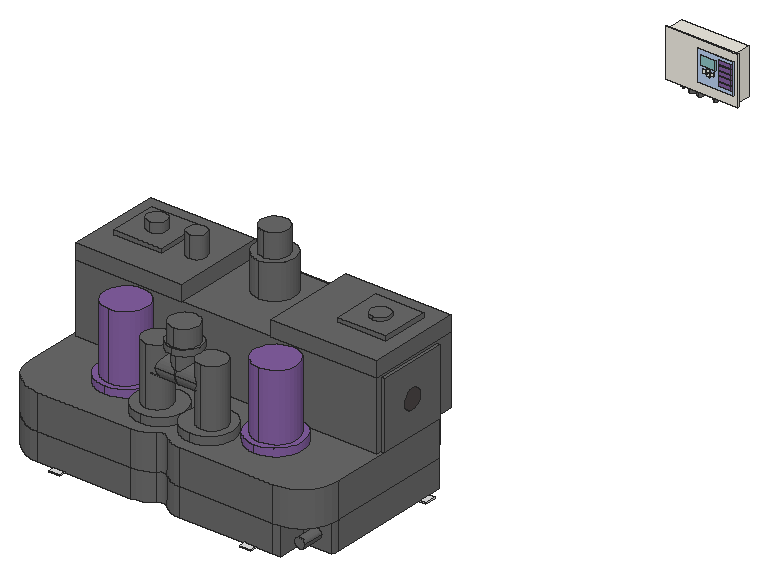
Revit family "11010", category Generic Models, Revit 2021
Family settings
  Can host rebar = No
  Round Connector Dimension = Use Diameter
  Part Type = Normal
  Work Plane-Based = No
  Always vertical = Yes
  Cut with Voids When Loaded = No
  Shared = Yes
  Room Calculation Point = No
Parameters (values of type "11010")
  SUPPLIER = "KESSEL"
  SA700ID49 = "Protection Class I"
  SA700ID48 = "no"
  SA700ID47 = "no"
  SA700ID46 = "yes"
  SA700ID37 = 7000 mm
  SA700ID34 = 38
  SA700ID33 = 1.6 W
  SA700ID32 = 110.79 kg
  SA700ID31 = 1
  SA700ID30 = 2
  SA700ID29 = "RWDR"
  SA700ID21 = 700
  SA700ID10 = "No"
  SA700ID08 = 230 V
  PROCUREWEBLINK = "https://p.caden.as/kessel/11010"
  PROCURELINK = "p.caden.as/kessel/11010"
  PROCUREDATALASTUPDATE = "2024-05-22T12:17:49.88756286+01:00"
  PREVIEW = "../../bilder/ksb_w_11010.png"
  PRC_SPECIFICATIONLINK = "https://ausschreiben.de/catalog/kessel/catalogItem/b68a6ede-11e9-4637-8259-b68639967b46"
  NN = "Lifting station Aqualift F XL"
  NBSYN = "$SA810ID03."
  NB = "11010"
  Model = "11010"
  Manufacturer = "KESSEL"
  MIdent = "{$CADENAS_DATA/23d-libs/kessel/kessel_vdi_import/4/entwaesserung/hebeanlage20aqualift20f20xl.prj},200 {STYP=ASS},{VTYP=3D},{NB=11010},{LINA=11010},{NN=Lifting station Aqualift F XL},{DATE=21.11.2022 10:48:11},{GEOMDATE=21.11.2022 10:48:11},{VERSION=},{LINEID=50},{WBVAR=LODLEVEL},{WBNUMERIC=LODLEVEL}  {NB=11010},{LINA=11010},{KT=DUMMY},{PREVIEW=../../bilder/ksb_w_11010.png},{SA700ID04=Hebeanlage Aqualift F XL 300 l, Duo, SPF 1400-S3},{SA810ID06=04026092056776},{SA700ID34=38.00},{SA010ID03=201805},{SA810ID03=11010},{SA810ID10=Aqualift F XL 1400W-S3 Duo 300L o.S.KESSEL Aqualift F XL Hebeanlage für fäkalienhaltiges und fäkalienfreies Abwasser. Zur Aufstellung in frostgeschützten Räumen. Duoanlage mit zwei Pumpen des Typs SPF 1400-S3Sammelbehälter aus Polyethylen, mit verschraubter Reinigungsöffnung, Anschlussstutzen für Zulauf von oben DN100/150.Inklusive Tauchrohr zur pneumatischen Niveauerfassung, Entlüftungsanschluss DN 70 und Anschluss für eine Handmembranpumpe DN 32.Behälter inklusive Haltewinkel zur Auftriebssicherung.Behältervolumen 300 Liter, max. Nutzvolumen bei Zulauf von oben ca. 175 Liter.Zwei seitliche und drei rückseitige Anbohrflächen zur Montage weiterer Zuläufe bis DN 200 unter Verwendung von Durchgangsdichtungen.Inklusive KESSEL Schaltgerät Aqualift Comfort 230 V.Anwenderfreundliche Menüführung im mehrzeiligem Display. MitSelbstdiagnosesystem (SDS) und Erinnerungsfunktion für nächste Wartung.Anzeige der aktuellen Messwerte. Einfache Einstellung derfunktionsrelevanten Parameter, inklusive Betriebsstundenzähler und Anschlussmöglichkeit für potentialfreien Kontakt. OptionaleWeiterleitung von Alarm- und Sammelstörmeldung über GSM Schnittstelle.Schaltgerät mit Volltextanzeige in sechs Sprachen.Abwasserpumpe(n) mit Freistromrad zur Förderung von fäkalienfreiem und fäkalienhaltigem Abwasser gemäß DIN EN 12050-1. Freier Kugeldurchgang mindestens 40 mm. Pumpe(n) überflutungssicher. Inklusive Rückflussverhinderer, mit Druckabgang aus Kunststoff DN 100. Ohne Absperrschieber.Pumpe(n) Typ SPF 1400-S3Fördermenge: max. 38 m³/hFörderhöhe: max. 7 mNennleistung (P2): 1,1 KW je PumpeAufnahmeleistung (P1): 1,6 KW je PumpeBetriebsspannung: 230 V WSNennfrequenz: 50 HzNennstrom: 7,3 AAbsicherung: 1 x 16 A trägeSchutzart (Pumpe): IP68 3mWS/48hSchutzart (Schaltgerät): IP 65Bertiebsart: S3 (50 % Einschaltdauer)Kabellänge: 5 mAußenmaße Anlage mit 300 Liter Behälter (BxTxH): 1260 x 760 x 770 mm},{SA700ID37=7.00},{SA700ID33=1.60},{SA700ID08=230},{SA700ID30=2},{SA700ID32=110.79},{SA700ID49=Schutzklasse I},{SA700ID50=nein},{SA200ID03=6},{SA250ID03=vertikal},{SA260ID03=Trockenläuferpumpe},{SA350ID03=normalansaugend},{SA400ID03=E-Motor für Wechselstrom},{SA460ID03=direkt},{SA500ID03=Kunststoff, Edelstahl},{SA700ID06=100},{SA700ID07=100},{SA700ID09=1/N/PE 230V},{SA700ID10=Nein},{SA700ID11=50},{SA700ID12=IP 68},{SA700ID13=F},{SA700ID15=40},{SA700ID21=700.00},{SA700ID22=1.10},{SA700ID23=1370},{SA700ID24=1370},{SA700ID26=7.30},{SA700ID27=23.00},{SA700ID28=durchgehend},{SA700ID29=RWDR},{SA700ID31=1},{SA700ID46=ja},{SA700ID47=nein},{SA700ID48=nein},{SA110ID04=Hebeanlage Aqualift F XL},{SA300ID03=einstufig},{SA700ID44=10.00},{SA700ID45=10.00},{SA010ID04=KESSEL AG},{LODLEVEL=200},{LINK=https://www.kessel.de/info?han=11010},{SA970ID01=970},{SA970ID02=7171},{SA970ID03=11010},{SA970ID04=11002617},{SA970ID05=QUAD},{SA970ID06=-655.51},{SA970ID07=-635.99},{SA970ID08=0},{SA970ID09=1},{SA970ID10=0},{SA970ID11=0},{SA970ID12=0},{SA970ID13=1},{SA970ID14=0},{SA970ID15=1311.02},{SA970ID16=785.99},{SA970ID17=771},{LODLEVEL_=200,'Low'},{LODLEVEL_DEU=200,'Low'},{LINK_=https://www.kessel.de/info?han=11010},{LINK_DEU=https://www.kessel.de/info?han=11010},{LODLEVEL_3DB=11010_200},{DNIN1=100},{DNIN2=70},{DNIN4=10},{DNIN5=50},{DNIN6=50},{DNIN7=50},{DNIN8=50},{DNIN9=MIN},{DNOUT1=32},{DNOUT2=100},{DNOUT3=70},{ISD1=96},{ISD2=10},{ISDOUT1=40},{ISDOUT2=70},{ISDOUT3=65},{SA010ID01=010},{SA010ID02=4},{SA010ID06=www.kessel.de},{SA010ID07=www.kessel.de},{SA010ID12=20180713},{SA010ID13=DEU},{SA010ID14=DE},{SA100ID01=100},{SA100ID02=4},{SA100ID04=Entwässerung},{SA110ID01=110},{SA110ID02=6},{SA200ID01=200},{SA200ID02=6},{SA250ID01=250},{SA250ID02=2},{SA260ID01=260},{SA260ID02=2},{SA300ID01=300},{SA300ID02=1},{SA350ID01=350},{SA350ID02=1},{SA400ID01=400},{SA400ID02=1},{SA460ID01=460},{SA460ID02=1},{SA500ID01=500},{SA500ID02=1},{SA700ID01=700},{SA700ID02=41},{SA700ID10_=0},{SA700ID16=0},{SA700ID25=0},{SA700ID46_=1},{SA700ID47_=0},{SA700ID48_=0},{SA700ID49_=1},{SA700ID50_=0},{SA800ID01=800},{SA800ID02=5},{SA810ID01=810},{SA810ID02=41},{SA810ID04=11010},{SA810ID07=41},{SA810ID09=1},{SA810ID14=PCE},{SA810ID15=1},{SA810ID16=NMP},{SA960ID03=41},{SA960ID04=3L},{SA960ID08=https://www.kessel.de/info?han=11010},{SA010ID08=4026092000007},{SA100ID05=Hebeanlage},{SA110ID06=Hebeanlage}"
  LINK = "https://www.kessel.de/info?han=11010"
  LINA = "11010"
  Default Elevation = 0 mm
  CREATOR = "CADENAS GmbH"
  CATALOG = "KESSEL"
  BOMINFO = "LINA"
  ARTICLENO = "NB"
  4.810.00.9 Order quantity (multiplicator) = "1"
  4.810.00.7 Media- connection number = "41"
  4.810.00.6 GTIN number = "04026092056776"
  4.810.00.4 DATANORM number = "11010"
  4.810.00.3 Producer order number = "11010"
  4.710.03.7 Mass (net) = 110.79 kg
  4.710.03.6 Height = 770 mm
  4.710.03.5 Width = 760 mm
  4.710.03.4 Length = 1260 mm
  4.710.03.3 Type of dimensions = "2"
  4.710.02.8 Area of application of wastewater pump = "1"
  4.710.02.7 Art des S2/S3-Betriebs = "50 %"
  4.710.02.6 Duty type = "S3"
  4.710.02.5 Cutting device = "0"
  4.710.02.4 Attached pump control = "1"
  4.710.02.3 Free passage = 40 mm
  4.710.01.6 Option to connect to building automation = "40"
  4.710.01.5 Load regulation = "0"
  4.710.01.4 Designation of closed-loop control = "175"
  4.710.01.3 Identifier for closed-loop control = "300"
  4.700.00.9 Voltage = 0
  4.700.00.8 Nominal connection size on suction side = "100"
  4.700.00.7 Nominal connection size on pressure side = "100"
  4.700.00.6 Type of connection = "100"
  4.700.00.4 Product indentification = "Hebeanlage Aqualift F XL 300 l, Duo, SPF 1400-S3"
  4.700.00.28 Motor pump shaft = "durchgehend"
  4.700.00.27 Starting current = 23
  4.700.00.26 Maximum power consumption per pump / drive = 7.3
  4.700.00.25 Minimum speed at internal speed adjustment = 0
  4.700.00.24 Nominal speed / maximum speed n = 22.8333
  4.700.00.23 Nominal speed of motor = 22.8333
  4.700.00.22 Maximum shaft output (P2) per pump/drive = 1.1 W
  4.700.00.16 Maximum temperature of pumped medium = 0 °C
  4.700.00.15 Increased safety class = "40 °C"
  4.700.00.13 Type of protection = "F"
  4.700.00.12 Frequency = 0
  4.700.00.11 Stern-/Dreieck-Anlaufschaltung bei Dreiphasenanschluss oder Drehstrom = "50 Hz"
  4.700.00.10 Phase = "0"
  4.500.00.3 Variant / Variant type / Accessories-name = "Kunststoff, Edelstahl"
  4.460.00.3 Variant / Variant type / Accessories-name = "direkt"
  4.400.00.3 Variant / Variant type / Accessories-name = "E-Motor für Wechselstrom"
  4.350.00.3 Variant / Variant type / Accessories-name = "normalansaugend"
  4.300.00.3 Variant / Variant type / Accessories-name = "einstufig"
  4.260.00.3 Variant / Variant type / Accessories-name = "Trockenläuferpumpe"
  4.250.00.3 Variant / Variant type / Accessories-name = "vertikal"
  4.200.00.3 Variant / Variant type / Accessories-name = "6"
  4.110.00.6 Product classification = "Hebeanlage"
  4.110.00.4 Product indentification = "Hebeanlage Aqualift F XL"
  4.100.00.5 Main groups of wares = "Hebeanlage"
  4.100.00.4 Product indentification = "Entwässerung"
  4.010.00.8 Producer ID number = "4026092000007"
  4.010.00.7 Comment = "www.kessel.de"
  4.010.00.6 Web address of the manufacturer = "www.kessel.de"
  4.010.00.4 Manufacturer name = "KESSEL AG"
  4.010.00.3 Date of issuance (month) of guideline = "201805"
  4.010.00.2 Sheet number of the guideline = "4"
  4.010.00.14 Kennungen der Projektländer, für die die Datei gültig ist = "DE"
  4.010.00.13 Sprache der Datei = "DEU"
  4.010.00.12 Stand des Herstellerkatalogs = "20180713"
Reference planes
  plane 1 "Center (Front/Back)": y = 0
  plane 2: z = 0
  plane 3 "Center (Left/Right)": x = 0
Dimensions and locks
  aligned and locked: level to plane 2
Nested families
  nested 1: "11010_content" at (0, 0, 0), type "11010_Content"
  nested 2: "11010_part1_X0Y0" at (1000, 1000, 1200), type "11010_PART1_X0Y0"
  nested 3: "11010_part2_X0Y0" at (0, 0, 0), type "11010_PART2_X0Y0"
Connectors
  electrical at (896, 972.5, 1160.5)
    settings: on nested 2, index 1, voltage 230 V, apparent load 0 VA, apparent load phase1 0 VA, apparent load phase2 0 VA, apparent load phase3 0 VA, power factor 1, load classification "Other", number of poles 3, system type 31, power factor state 1, is connector primary yes, connector utility no, sub classification motor no, connector description ""
  piping at (0, 0, 771), diameter 100
    settings: on nested 3, index 2, connector inside diameter 609.6 mm, connector length 0 mm, flow factor 0, pipe flow 0.0 L/s, pressure drop 0.0 Pa, fitting loss kfactor 0, connector angle 0.00°, fixture units 0, engagement length 0 mm, angle of deflection 0.00°, flow configuration 0, flow direction 1, fitting loss method 2, system type 8, joint type 0, gender type 0, connector reference index -1, connector utility 0, adjustable connector no, is connector primary yes, connector description ""
  piping at (631, -85, 392), diameter 70
    settings: on nested 3, index 3, connector inside diameter 609.6 mm, connector length 0 mm, flow factor 0, pipe flow 0.0 L/s, pressure drop 0.0 Pa, fitting loss kfactor 0, connector angle 0.00°, fixture units 0, engagement length 0 mm, angle of deflection 0.00°, flow configuration 0, flow direction 0, fitting loss method 2, system type 8, joint type 0, gender type 0, connector reference index -1, connector utility 0, adjustable connector no, is connector primary no, connector description ""
  piping at (358.7, 150.5, 392), diameter 70
    settings: on nested 3, index 4, connector inside diameter 609.6 mm, connector length 0 mm, flow factor 0, pipe flow 0.0 L/s, pressure drop 0.0 Pa, fitting loss kfactor 0, connector angle 0.00°, fixture units 0, engagement length 0 mm, angle of deflection 0.00°, flow configuration 0, flow direction 0, fitting loss method 2, system type 8, joint type 0, gender type 0, connector reference index -1, connector utility 0, adjustable connector no, is connector primary no, connector description ""
  piping at (0, 150.5, 392), diameter 70
    settings: on nested 3, index 5, connector inside diameter 609.6 mm, connector length 0 mm, flow factor 0, pipe flow 0.0 L/s, pressure drop 0.0 Pa, fitting loss kfactor 0, connector angle 0.00°, fixture units 0, engagement length 0 mm, angle of deflection 0.00°, flow configuration 0, flow direction 0, fitting loss method 2, system type 8, joint type 0, gender type 0, connector reference index -1, connector utility 0, adjustable connector no, is connector primary no, connector description ""
  piping at (-630, -85, 392), diameter 70
    settings: on nested 3, index 6, connector inside diameter 609.6 mm, connector length 0 mm, flow factor 0, pipe flow 0.0 L/s, pressure drop 0.0 Pa, fitting loss kfactor 0, connector angle 0.00°, fixture units 0, engagement length 0 mm, angle of deflection 0.00°, flow configuration 0, flow direction 0, fitting loss method 2, system type 8, joint type 0, gender type 0, connector reference index -1, connector utility 0, adjustable connector no, is connector primary no, connector description ""
  piping at (-357.7, 150.5, 392), diameter 70
    settings: on nested 3, index 7, connector inside diameter 609.6 mm, connector length 0 mm, flow factor 0, pipe flow 0.0 L/s, pressure drop 0.0 Pa, fitting loss kfactor 0, connector angle 0.00°, fixture units 0, engagement length 0 mm, angle of deflection 0.00°, flow configuration 0, flow direction 0, fitting loss method 2, system type 8, joint type 0, gender type 0, connector reference index -1, connector utility 0, adjustable connector no, is connector primary no, connector description ""
  piping at (0, -460, 620), diameter 100
    settings: on nested 3, index 8, connector inside diameter 609.6 mm, connector length 0 mm, flow factor 0, pipe flow 0.0 L/s, pressure drop 0.0 Pa, fitting loss kfactor 0, connector angle 0.00°, fixture units 0, engagement length 0 mm, angle of deflection 0.00°, flow configuration 0, flow direction 2, fitting loss method 2, system type 7, joint type 0, gender type 0, connector reference index -1, connector utility 0, adjustable connector no, is connector primary no, connector description ""
  piping at (-269.5, -60, 681), diameter 70
    settings: on nested 3, index 9, connector inside diameter 609.6 mm, connector length 0 mm, flow factor 0, pipe flow 0.0 L/s, pressure drop 0.0 Pa, fitting loss kfactor 0, connector angle 0.00°, fixture units 0, engagement length 0 mm, angle of deflection 0.00°, flow configuration 0, flow direction 2, fitting loss method 2, system type 7, joint type 0, gender type 0, connector reference index -1, connector utility 0, adjustable connector no, is connector primary no, connector description ""
  piping at (565, -575.5, 56), diameter 32
    settings: on nested 3, index 10, connector inside diameter 609.6 mm, connector length 0 mm, flow factor 0, pipe flow 0.0 L/s, pressure drop 0.0 Pa, fitting loss kfactor 0, connector angle 0.00°, fixture units 0, engagement length 0 mm, angle of deflection 0.00°, flow configuration 0, flow direction 2, fitting loss method 2, system type 7, joint type 0, gender type 0, connector reference index -1, connector utility 0, adjustable connector no, is connector primary no, connector description ""
  electrical at (305.4, -376.25, 557)
    settings: on nested 3, index 11, voltage 0 V, apparent load 0 VA, apparent load phase1 0 VA, apparent load phase2 0 VA, apparent load phase3 0 VA, power factor 1, load classification "Other", number of poles 1, system type 31, power factor state 1, is connector primary no, connector utility no, sub classification motor no, connector description ""
  electrical at (-305.4, -376.25, 557)
    settings: on nested 3, index 12, voltage 0 V, apparent load 0 VA, apparent load phase1 0 VA, apparent load phase2 0 VA, apparent load phase3 0 VA, power factor 1, load classification "Other", number of poles 1, system type 31, power factor state 1, is connector primary no, connector utility no, sub classification motor no, connector description ""
  electrical at (-457, -29.5, 650)
    settings: on nested 3, index 13, voltage 0 V, apparent load 0 VA, apparent load phase1 0 VA, apparent load phase2 0 VA, apparent load phase3 0 VA, power factor 1, load classification "Other", number of poles 1, system type 31, power factor state 1, is connector primary no, connector utility no, sub classification motor no, connector description ""
Definition of nested family "11010_part1_X0Y0"
  Parameters (values of type "11010_PART1_X0Y0")
    SUPPLIER = "KESSEL"
    SA700ID49 = "Protection Class I"
    SA700ID48 = "no"
    SA700ID47 = "no"
    SA700ID46 = "yes"
    SA700ID37 = 7000 mm
    SA700ID34 = 38
    SA700ID33 = 1.6 W
    SA700ID32 = 110.79 kg
    SA700ID31 = 1
    SA700ID30 = 2
    SA700ID29 = "RWDR"
    SA700ID21 = 700
    SA700ID10 = "No"
    SA700ID08 = 230 V
    PREVIEW = "../../bilder/ksb_w_11010.png"
    NBSYN = "$SA810ID03._PART1"
    NB = "11010_PART1"
    Model = "11010_PART1"
    Manufacturer = "KESSEL"
    MIdent = "{$CADENAS_DATA/23d-libs/kessel/kessel_vdi_import/4/entwaesserung/hebeanlage20aqualift20f20xl.prj},220 {VTYP=3D},{NB=11010_PART1},{LINA=11010_PART1},{NN=Lifting station Aqualift F XL_PART1},{NOPRJ=TRUE},{DATE=21.11.2022 10:48:11},{GEOMDATE=21.11.2022 10:48:11},{VERSION=},{LINEID=50},{WBVAR=LODLEVEL},{WBNUMERIC=LODLEVEL}  {NB=11010_PART1},{LINA=11010_PART1},{KT=DUMMY},{PREVIEW=../../bilder/ksb_w_11010.png},{SA700ID04=Hebeanlage Aqualift F XL 300 l, Duo, SPF 1400-S3},{SA810ID06=04026092056776},{SA700ID34=38.00},{SA010ID03=201805},{SA810ID03=11010},{SA810ID10=Aqualift F XL 1400W-S3 Duo 300L o.S.KESSEL Aqualift F XL Hebeanlage für fäkalienhaltiges und fäkalienfreies Abwasser. Zur Aufstellung in frostgeschützten Räumen. Duoanlage mit zwei Pumpen des Typs SPF 1400-S3Sammelbehälter aus Polyethylen, mit verschraubter Reinigungsöffnung, Anschlussstutzen für Zulauf von oben DN100/150.Inklusive Tauchrohr zur pneumatischen Niveauerfassung, Entlüftungsanschluss DN 70 und Anschluss für eine Handmembranpumpe DN 32.Behälter inklusive Haltewinkel zur Auftriebssicherung.Behältervolumen 300 Liter, max. Nutzvolumen bei Zulauf von oben ca. 175 Liter.Zwei seitliche und drei rückseitige Anbohrflächen zur Montage weiterer Zuläufe bis DN 200 unter Verwendung von Durchgangsdichtungen.Inklusive KESSEL Schaltgerät Aqualift Comfort 230 V.Anwenderfreundliche Menüführung im mehrzeiligem Display. MitSelbstdiagnosesystem (SDS) und Erinnerungsfunktion für nächste Wartung.Anzeige der aktuellen Messwerte. Einfache Einstellung derfunktionsrelevanten Parameter, inklusive Betriebsstundenzähler und Anschlussmöglichkeit für potentialfreien Kontakt. OptionaleWeiterleitung von Alarm- und Sammelstörmeldung über GSM Schnittstelle.Schaltgerät mit Volltextanzeige in sechs Sprachen.Abwasserpumpe(n) mit Freistromrad zur Förderung von fäkalienfreiem und fäkalienhaltigem Abwasser gemäß DIN EN 12050-1. Freier Kugeldurchgang mindestens 40 mm. Pumpe(n) überflutungssicher. Inklusive Rückflussverhinderer, mit Druckabgang aus Kunststoff DN 100. Ohne Absperrschieber.Pumpe(n) Typ SPF 1400-S3Fördermenge: max. 38 m³/hFörderhöhe: max. 7 mNennleistung (P2): 1,1 KW je PumpeAufnahmeleistung (P1): 1,6 KW je PumpeBetriebsspannung: 230 V WSNennfrequenz: 50 HzNennstrom: 7,3 AAbsicherung: 1 x 16 A trägeSchutzart (Pumpe): IP68 3mWS/48hSchutzart (Schaltgerät): IP 65Bertiebsart: S3 (50 % Einschaltdauer)Kabellänge: 5 mAußenmaße Anlage mit 300 Liter Behälter (BxTxH): 1260 x 760 x 770 mm},{SA700ID37=7.00},{SA700ID33=1.60},{SA700ID08=230},{SA700ID30=2},{SA700ID32=110.79},{SA700ID49=Schutzklasse I},{SA700ID50=nein},{SA200ID03=6},{SA250ID03=vertikal},{SA260ID03=Trockenläuferpumpe},{SA350ID03=normalansaugend},{SA400ID03=E-Motor für Wechselstrom},{SA460ID03=direkt},{SA500ID03=Kunststoff, Edelstahl},{SA700ID06=100},{SA700ID07=100},{SA700ID09=1/N/PE 230V},{SA700ID10=Nein},{SA700ID11=50},{SA700ID12=IP 68},{SA700ID13=F},{SA700ID15=40},{SA700ID21=700.00},{SA700ID22=1.10},{SA700ID23=1370},{SA700ID24=1370},{SA700ID26=7.30},{SA700ID27=23.00},{SA700ID28=durchgehend},{SA700ID29=RWDR},{SA700ID31=1},{SA700ID46=ja},{SA700ID47=nein},{SA700ID48=nein},{SA110ID04=Hebeanlage Aqualift F XL},{SA300ID03=einstufig},{SA700ID44=10.00},{SA700ID45=10.00},{SA010ID04=KESSEL AG},{LODLEVEL=200},{LINK=https://www.kessel.de/info?han=11010},{SA970ID01=970},{SA970ID02=7171},{SA970ID03=11010},{SA970ID04=11002617},{SA970ID05=QUAD},{SA970ID06=-655.51},{SA970ID07=-635.99},{SA970ID08=0},{SA970ID09=1},{SA970ID10=0},{SA970ID11=0},{SA970ID12=0},{SA970ID13=1},{SA970ID14=0},{SA970ID15=1311.02},{SA970ID16=785.99},{SA970ID17=771},{LODLEVEL_=200,'Low'},{LODLEVEL_DEU=200,'Low'},{LINK_=https://www.kessel.de/info?han=11010},{LINK_DEU=https://www.kessel.de/info?han=11010},{LODLEVEL_3DB=11010_200},{DNIN1=100},{DNIN2=70},{DNIN4=10},{DNIN5=50},{DNIN6=50},{DNIN7=50},{DNIN8=50},{DNIN9=MIN},{DNOUT1=32},{DNOUT2=100},{DNOUT3=70},{ISD1=96},{ISD2=10},{ISDOUT1=40},{ISDOUT2=70},{ISDOUT3=65},{SA010ID01=010},{SA010ID02=4},{SA010ID06=www.kessel.de},{SA010ID07=www.kessel.de},{SA010ID12=20180713},{SA010ID13=DEU},{SA010ID14=DE},{SA100ID01=100},{SA100ID02=4},{SA100ID04=Entwässerung},{SA110ID01=110},{SA110ID02=6},{SA200ID01=200},{SA200ID02=6},{SA250ID01=250},{SA250ID02=2},{SA260ID01=260},{SA260ID02=2},{SA300ID01=300},{SA300ID02=1},{SA350ID01=350},{SA350ID02=1},{SA400ID01=400},{SA400ID02=1},{SA460ID01=460},{SA460ID02=1},{SA500ID01=500},{SA500ID02=1},{SA700ID01=700},{SA700ID02=41},{SA700ID10_=0},{SA700ID16=0},{SA700ID25=0},{SA700ID46_=1},{SA700ID47_=0},{SA700ID48_=0},{SA700ID49_=1},{SA700ID50_=0},{SA800ID01=800},{SA800ID02=5},{SA810ID01=810},{SA810ID02=41},{SA810ID04=11010},{SA810ID07=41},{SA810ID09=1},{SA810ID14=PCE},{SA810ID15=1},{SA810ID16=NMP},{SA960ID03=41},{SA960ID04=3L},{SA960ID08=https://www.kessel.de/info?han=11010},{SA010ID08=4026092000007},{SA100ID05=Hebeanlage},{SA110ID06=Hebeanlage}"
    LINK = "https://www.kessel.de/info?han=11010"
    LINA = "11010_PART1"
    Default Elevation = 1219.2 mm
    CREATOR = "CADENAS GmbH"
    CATALOG = "KESSEL"
    BOMINFO = "LINA"
    ARTICLENO = "NB"
    4.810.00.9 Order quantity (multiplicator) = "1"
    4.810.00.7 Media- connection number = "41"
    4.810.00.6 GTIN number = "04026092056776"
    4.810.00.4 DATANORM number = "11010"
    4.810.00.3 Producer order number = "11010"
    4.710.03.7 Mass (net) = 110.79 kg
    4.710.03.6 Height = 770 mm
    4.710.03.5 Width = 760 mm
    4.710.03.4 Length = 1260 mm
    4.710.03.3 Type of dimensions = "2"
    4.710.02.8 Area of application of wastewater pump = "1"
    4.710.02.7 Art des S2/S3-Betriebs = "50 %"
    4.710.02.6 Duty type = "S3"
    4.710.02.5 Cutting device = "0"
    4.710.02.4 Attached pump control = "1"
    4.710.02.3 Free passage = 40 mm
    4.710.01.6 Option to connect to building automation = "40"
    4.710.01.5 Load regulation = "0"
    4.710.01.4 Designation of closed-loop control = "175"
    4.710.01.3 Identifier for closed-loop control = "300"
    4.700.00.9 Voltage = 0
    4.700.00.8 Nominal connection size on suction side = "100"
    4.700.00.7 Nominal connection size on pressure side = "100"
    4.700.00.6 Type of connection = "100"
    4.700.00.4 Product indentification = "Hebeanlage Aqualift F XL 300 l, Duo, SPF 1400-S3"
    4.700.00.28 Motor pump shaft = "durchgehend"
    4.700.00.27 Starting current = 23
    4.700.00.26 Maximum power consumption per pump / drive = 7.3
    4.700.00.25 Minimum speed at internal speed adjustment = 0
    4.700.00.24 Nominal speed / maximum speed n = 22.8333
    4.700.00.23 Nominal speed of motor = 22.8333
    4.700.00.22 Maximum shaft output (P2) per pump/drive = 1.1 W
    4.700.00.16 Maximum temperature of pumped medium = 0 °C
    4.700.00.15 Increased safety class = "40 °C"
    4.700.00.13 Type of protection = "F"
    4.700.00.12 Frequency = 0
    4.700.00.11 Stern-/Dreieck-Anlaufschaltung bei Dreiphasenanschluss oder Drehstrom = "50 Hz"
    4.700.00.10 Phase = "0"
    4.500.00.3 Variant / Variant type / Accessories-name = "Kunststoff, Edelstahl"
    4.460.00.3 Variant / Variant type / Accessories-name = "direkt"
    4.400.00.3 Variant / Variant type / Accessories-name = "E-Motor für Wechselstrom"
    4.350.00.3 Variant / Variant type / Accessories-name = "normalansaugend"
    4.300.00.3 Variant / Variant type / Accessories-name = "einstufig"
    4.260.00.3 Variant / Variant type / Accessories-name = "Trockenläuferpumpe"
    4.250.00.3 Variant / Variant type / Accessories-name = "vertikal"
    4.200.00.3 Variant / Variant type / Accessories-name = "6"
    4.110.00.6 Product classification = "Hebeanlage"
    4.110.00.4 Product indentification = "Hebeanlage Aqualift F XL"
    4.100.00.5 Main groups of wares = "Hebeanlage"
    4.100.00.4 Product indentification = "Entwässerung"
    4.010.00.8 Producer ID number = "4026092000007"
    4.010.00.7 Comment = "www.kessel.de"
    4.010.00.6 Web address of the manufacturer = "www.kessel.de"
    4.010.00.4 Manufacturer name = "KESSEL AG"
    4.010.00.3 Date of issuance (month) of guideline = "201805"
    4.010.00.2 Sheet number of the guideline = "4"
    4.010.00.14 Kennungen der Projektländer, für die die Datei gültig ist = "DE"
    4.010.00.13 Sprache der Datei = "DEU"
    4.010.00.12 Stand des Herstellerkatalogs = "20180713"
  Reference planes
    plane 1 "Center (Front/Back)": y = 0
    plane 2: z = 0
    plane 3 "Center (Left/Right)": x = 0
  Dimensions and locks
    aligned and locked: level to plane 2
  Nested families
    nested 1: "11010_part1_content" at (0, 0, 0), type "11010_PART1_Content"
  Definition of nested family "11010_part1_content"
    Parameters (values of type "11010_PART1_Content")
      SUPPLIER = "KESSEL"
      SA700ID49 = "Protection Class I"
      SA700ID48 = "no"
      SA700ID47 = "no"
      SA700ID46 = "yes"
      SA700ID37 = 7000 mm
      SA700ID34 = 38
      SA700ID33 = 1.6 W
      SA700ID32 = 110.79 kg
      SA700ID31 = 1
      SA700ID30 = 2
      SA700ID29 = "RWDR"
      SA700ID21 = 700
      SA700ID10 = "No"
      SA700ID08 = 230 V
      PREVIEW = "../../bilder/ksb_w_11010.png"
      NBSYN = "$SA810ID03._PART1"
      NB = "11010_PART1"
      Model = "11010_PART1"
      Manufacturer = "KESSEL"
      LINK = "https://www.kessel.de/info?han=11010"
      LINA = "11010_PART1"
      Default Elevation = 1219.2 mm
      CREATOR = "CADENAS GmbH"
      CATALOG = "KESSEL"
      BOMINFO = "LINA"
      ARTICLENO = "NB"
      4.810.00.9 Order quantity (multiplicator) = "1"
      4.810.00.7 Media- connection number = "41"
      4.810.00.6 GTIN number = "04026092056776"
      4.810.00.4 DATANORM number = "11010"
      4.810.00.3 Producer order number = "11010"
      4.710.03.7 Mass (net) = 110.79 kg
      4.710.03.6 Height = 770 mm
      4.710.03.5 Width = 760 mm
      4.710.03.4 Length = 1260 mm
      4.710.03.3 Type of dimensions = "2"
      4.710.02.8 Area of application of wastewater pump = "1"
      4.710.02.7 Art des S2/S3-Betriebs = "50 %"
      4.710.02.6 Duty type = "S3"
      4.710.02.5 Cutting device = "0"
      4.710.02.4 Attached pump control = "1"
      4.710.02.3 Free passage = 40 mm
      4.710.01.6 Option to connect to building automation = "40"
      4.710.01.5 Load regulation = "0"
      4.710.01.4 Designation of closed-loop control = "175"
      4.710.01.3 Identifier for closed-loop control = "300"
      4.700.00.9 Voltage = 0
      4.700.00.8 Nominal connection size on suction side = "100"
      4.700.00.7 Nominal connection size on pressure side = "100"
      4.700.00.6 Type of connection = "100"
      4.700.00.4 Product indentification = "Hebeanlage Aqualift F XL 300 l, Duo, SPF 1400-S3"
      4.700.00.28 Motor pump shaft = "durchgehend"
      4.700.00.27 Starting current = 23
      4.700.00.26 Maximum power consumption per pump / drive = 7.3
      4.700.00.25 Minimum speed at internal speed adjustment = 0
      4.700.00.24 Nominal speed / maximum speed n = 22.8333
      4.700.00.23 Nominal speed of motor = 22.8333
      4.700.00.22 Maximum shaft output (P2) per pump/drive = 1.1 W
      4.700.00.16 Maximum temperature of pumped medium = 0 °C
      4.700.00.15 Increased safety class = "40 °C"
      4.700.00.13 Type of protection = "F"
      4.700.00.12 Frequency = 0
      4.700.00.11 Stern-/Dreieck-Anlaufschaltung bei Dreiphasenanschluss oder Drehstrom = "50 Hz"
      4.700.00.10 Phase = "0"
      4.500.00.3 Variant / Variant type / Accessories-name = "Kunststoff, Edelstahl"
      4.460.00.3 Variant / Variant type / Accessories-name = "direkt"
      4.400.00.3 Variant / Variant type / Accessories-name = "E-Motor für Wechselstrom"
      4.350.00.3 Variant / Variant type / Accessories-name = "normalansaugend"
      4.300.00.3 Variant / Variant type / Accessories-name = "einstufig"
      4.260.00.3 Variant / Variant type / Accessories-name = "Trockenläuferpumpe"
      4.250.00.3 Variant / Variant type / Accessories-name = "vertikal"
      4.200.00.3 Variant / Variant type / Accessories-name = "6"
      4.110.00.6 Product classification = "Hebeanlage"
      4.110.00.4 Product indentification = "Hebeanlage Aqualift F XL"
      4.100.00.5 Main groups of wares = "Hebeanlage"
      4.100.00.4 Product indentification = "Entwässerung"
      4.010.00.8 Producer ID number = "4026092000007"
      4.010.00.7 Comment = "www.kessel.de"
      4.010.00.6 Web address of the manufacturer = "www.kessel.de"
      4.010.00.4 Manufacturer name = "KESSEL AG"
      4.010.00.3 Date of issuance (month) of guideline = "201805"
      4.010.00.2 Sheet number of the guideline = "4"
      4.010.00.14 Kennungen der Projektländer, für die die Datei gültig ist = "DE"
      4.010.00.13 Sprache der Datei = "DEU"
      4.010.00.12 Stand des Herstellerkatalogs = "20180713"
    Reference planes
      plane 1 "Center (Front/Back)": y = 0
      plane 2: z = 0
      plane 3 "Center (Left/Right)": x = 0
    Forms (mm)
      Extrusion 1, solid, detail levels medium+fine
        sketch origin (49.8, -68, 72.1) x (0, -1, 0) y (0, 0, 1)
          loop
            line (-0.5, 12) -> (-0.5, 0) -> (1, 0) -> (1, 12) -> (-0.5, 12)
        from 0 to 12
      Extrusion 2, solid, detail levels medium+fine
        sketch origin (129.3, -67, 28.2) x (0, -1, 0) y (0, 0, 1)
          loop
            line (-0.5, 127) -> (-0.5, 0) -> (1, 0) -> (1, 127) -> (-0.5, 127)
        from 0 to 146
      Extrusion 3, solid, detail levels medium+fine
        sketch origin (33.3, -68, 80.45) x (0, -1, 0) y (0, 0, 1)
          loop
            line (-0.5, 12) -> (-0.5, 0) -> (1, 0) -> (1, 12) -> (-0.5, 12)
        from 0 to 12
      Extrusion 4, solid, detail levels medium+fine
        sketch origin (33.3, -68, 63.95) x (0, -1, 0) y (0, 0, 1)
          loop
            line (-0.5, 12) -> (-0.5, 0) -> (1, 0) -> (1, 12) -> (-0.5, 12)
        from 0 to 12
      Extrusion 5, solid, detail levels medium+fine
        sketch origin (56.3, -68, 95.45) x (0, -1, 0) y (0, 0, 1)
          loop
            line (-0.5, 37) -> (-0.5, 0) -> (1, 0) -> (1, 37) -> (-0.5, 37)
        from 0 to 60
      Extrusion 6, solid, detail levels medium+fine
        sketch origin (121.8, -68, 85.7) x (0, -1, 0) y (0, 0, 1)
          loop
            line (0, 16) -> (0, 0) -> (2, 0) -> (2, 16) -> (0, 16)
        from 0 to 51
      Extrusion 7, solid, detail levels medium+fine
        sketch origin (121.8, -68, 65.7) x (0, -1, 0) y (0, 0, 1)
          loop
            line (0, 16) -> (0, 0) -> (2, 0) -> (2, 16) -> (0, 16)
        from 0 to 51
      Extrusion 8, solid, detail levels medium+fine
        sketch origin (121.8, -68, 105.7) x (0, -1, 0) y (0, 0, 1)
          loop
            line (0, 16) -> (0, 0) -> (2, 0) -> (2, 16) -> (0, 16)
        from 0 to 51
      Extrusion 9, solid, detail levels medium+fine
        sketch origin (16.8, -68, 72.2) x (0, -1, 0) y (0, 0, 1)
          loop
            line (-0.5, 12) -> (-0.5, 0) -> (1, 0) -> (1, 12) -> (-0.5, 12)
        from 0 to 12
      Extrusion 10, solid, detail levels medium+fine
        sketch origin (121.8, -68, 45.7) x (0, -1, 0) y (0, 0, 1)
          loop
            line (0, 16) -> (0, 0) -> (2, 0) -> (2, 16) -> (0, 16)
        from 0 to 51
      Extrusion 11, solid, detail levels medium+fine
        sketch origin (147, -63.5, -7) x (0, -1, 0) y (0, 0, 1)
          loop
            line (0, 194) -> (0, 0) -> (3.5, 0) -> (3.5, 194) -> (0, 194)
        from 0 to 294
      Extrusion 12, solid, detail levels medium+fine
        sketch origin (136.25, 0, 0) x (0, -1, 0) y (0, 0, 1)
          loop
            line (0, 184) -> (0, 0) -> (63.5, 0) -> (63.5, 184) -> (0, 184)
        from 0 to 272.5
      Extrusion 13, solid, detail levels medium+fine
        sketch origin (121.75, -68, 125.75) x (0, -1, 0) y (0, 0, 1)
          loop
            line (0, 16) -> (0, 0) -> (2, 0) -> (2, 16) -> (0, 16)
        from 0 to 51
      Extrusion 14, solid, detail levels medium+fine
        sketch origin (26, -27.5, 0) x (1, 0, 0) y (0, -1, 0)
          loop
            circle (0, 0) r 11
        from 0 to 11
      Extrusion 15, solid, detail levels medium+fine
        sketch origin (26, -27.5, -11) x (1, 0, 0) y (0, -1, 0)
          loop
            circle (0, 0) r 11
        from 0 to 19.8
      Extrusion 16, solid, detail levels medium+fine
        sketch origin (26, -27.5, -30.7) x (1, 0, 0) y (0, -1, 0)
          loop
            circle (0, 0) r 6
        from 0 to 13.75
      Extrusion 17, solid, detail levels medium+fine
        sketch origin (2, -27.5, 0) x (1, 0, 0) y (0, -1, 0)
          loop
            circle (0, 0) r 11
        from 0 to 20
      Extrusion 18, solid, detail levels medium+fine
        sketch origin (2, -27.5, -20) x (1, 0, 0) y (0, -1, 0)
          loop
            circle (0, 0) r 8.65
        from 0 to 9.8
      Extrusion 19, solid, detail levels medium+fine
        sketch origin (-36, -27.5, 0) x (1, 0, 0) y (0, -1, 0)
          loop
            circle (0, 0) r 12
        from 0 to 15
      Extrusion 20, solid, detail levels medium+fine
        sketch origin (-36, -27.5, -15) x (1, 0, 0) y (0, -1, 0)
          loop
            circle (0, 0) r 11.75
        from 0 to 27.1
      Extrusion 21, solid, detail levels medium+fine
        sketch origin (54, -27.5, 0) x (1, 0, 0) y (0, -1, 0)
          loop
            circle (0, 0) r 10
        from 0 to 1.5
      Extrusion 22, solid, detail levels medium+fine
        sketch origin (-70, -27.5, 0) x (1, 0, 0) y (0, -1, 0)
          loop
            circle (0, 0) r 12
        from 0 to 15
      Extrusion 23, solid, detail levels medium+fine
        sketch origin (-70, -27.5, -15) x (1, 0, 0) y (0, -1, 0)
          loop
            circle (0, 0) r 11.75
        from 0 to 27.1
      Extrusion 24, solid, detail levels medium+fine
        sketch origin (82, -27.5, 0) x (1, 0, 0) y (0, -1, 0)
          loop
            circle (0, 0) r 10
        from 0 to 1.5
      Extrusion 25, solid, detail levels medium+fine
        sketch origin (-104, -27.5, 0) x (1, 0, 0) y (0, -1, 0)
          loop
            circle (0, 0) r 10
        from 0 to 9
      Extrusion 26, solid, detail levels medium+fine
        sketch origin (-104, -27.5, -9) x (1, 0, 0) y (0, -1, 0)
          loop
            circle (0, 0) r 11
        from 0 to 20.5
      Extrusion 27, solid, detail levels medium+fine
        sketch origin (-104, -27.5, -29.5) x (1, 0, 0) y (0, -1, 0)
          loop
            circle (0, 0) r 3
        from 0 to 10
      Extrusion 28, solid, detail levels medium+fine
        sketch origin (110, -27.5, 0) x (1, 0, 0) y (0, -1, 0)
          loop
            circle (0, 0) r 13.5
        from 0 to 1.5
      Extrusion 29, solid, detail levels coarse
        sketch origin (0, -35, -44.45) x (1, 0, 0) y (0, 1, 0)
          loop
            line (-147, -35) -> (147, -35) -> (147, 35) -> (-147, 35) -> (-147, -35)
        from 0 to 231.45
    Dimensions and locks
      aligned and locked: level to plane 2
Definition of nested family "11010_part2_X0Y0"
  Parameters (values of type "11010_PART2_X0Y0")
    SUPPLIER = "KESSEL"
    SA700ID49 = "Protection Class I"
    SA700ID48 = "no"
    SA700ID47 = "no"
    SA700ID46 = "yes"
    SA700ID37 = 7000 mm
    SA700ID34 = 38
    SA700ID33 = 1.6 W
    SA700ID32 = 110.79 kg
    SA700ID31 = 1
    SA700ID30 = 2
    SA700ID29 = "RWDR"
    SA700ID21 = 700
    SA700ID10 = "No"
    SA700ID08 = 230 V
    PREVIEW = "../../bilder/ksb_w_11010.png"
    NBSYN = "$SA810ID03._PART2"
    NB = "11010_PART2"
    Model = "11010_PART2"
    Manufacturer = "KESSEL"
    MIdent = "{$CADENAS_DATA/23d-libs/kessel/kessel_vdi_import/4/entwaesserung/hebeanlage20aqualift20f20xl.prj},220 {VTYP=3D},{NB=11010_PART2},{LINA=11010_PART2},{NN=Lifting station Aqualift F XL_PART2},{NOPRJ=TRUE},{DATE=21.11.2022 10:48:11},{GEOMDATE=21.11.2022 10:48:11},{VERSION=},{LINEID=50},{WBVAR=LODLEVEL},{WBNUMERIC=LODLEVEL}  {NB=11010_PART2},{LINA=11010_PART2},{KT=DUMMY},{PREVIEW=../../bilder/ksb_w_11010.png},{SA700ID04=Hebeanlage Aqualift F XL 300 l, Duo, SPF 1400-S3},{SA810ID06=04026092056776},{SA700ID34=38.00},{SA010ID03=201805},{SA810ID03=11010},{SA810ID10=Aqualift F XL 1400W-S3 Duo 300L o.S.KESSEL Aqualift F XL Hebeanlage für fäkalienhaltiges und fäkalienfreies Abwasser. Zur Aufstellung in frostgeschützten Räumen. Duoanlage mit zwei Pumpen des Typs SPF 1400-S3Sammelbehälter aus Polyethylen, mit verschraubter Reinigungsöffnung, Anschlussstutzen für Zulauf von oben DN100/150.Inklusive Tauchrohr zur pneumatischen Niveauerfassung, Entlüftungsanschluss DN 70 und Anschluss für eine Handmembranpumpe DN 32.Behälter inklusive Haltewinkel zur Auftriebssicherung.Behältervolumen 300 Liter, max. Nutzvolumen bei Zulauf von oben ca. 175 Liter.Zwei seitliche und drei rückseitige Anbohrflächen zur Montage weiterer Zuläufe bis DN 200 unter Verwendung von Durchgangsdichtungen.Inklusive KESSEL Schaltgerät Aqualift Comfort 230 V.Anwenderfreundliche Menüführung im mehrzeiligem Display. MitSelbstdiagnosesystem (SDS) und Erinnerungsfunktion für nächste Wartung.Anzeige der aktuellen Messwerte. Einfache Einstellung derfunktionsrelevanten Parameter, inklusive Betriebsstundenzähler und Anschlussmöglichkeit für potentialfreien Kontakt. OptionaleWeiterleitung von Alarm- und Sammelstörmeldung über GSM Schnittstelle.Schaltgerät mit Volltextanzeige in sechs Sprachen.Abwasserpumpe(n) mit Freistromrad zur Förderung von fäkalienfreiem und fäkalienhaltigem Abwasser gemäß DIN EN 12050-1. Freier Kugeldurchgang mindestens 40 mm. Pumpe(n) überflutungssicher. Inklusive Rückflussverhinderer, mit Druckabgang aus Kunststoff DN 100. Ohne Absperrschieber.Pumpe(n) Typ SPF 1400-S3Fördermenge: max. 38 m³/hFörderhöhe: max. 7 mNennleistung (P2): 1,1 KW je PumpeAufnahmeleistung (P1): 1,6 KW je PumpeBetriebsspannung: 230 V WSNennfrequenz: 50 HzNennstrom: 7,3 AAbsicherung: 1 x 16 A trägeSchutzart (Pumpe): IP68 3mWS/48hSchutzart (Schaltgerät): IP 65Bertiebsart: S3 (50 % Einschaltdauer)Kabellänge: 5 mAußenmaße Anlage mit 300 Liter Behälter (BxTxH): 1260 x 760 x 770 mm},{SA700ID37=7.00},{SA700ID33=1.60},{SA700ID08=230},{SA700ID30=2},{SA700ID32=110.79},{SA700ID49=Schutzklasse I},{SA700ID50=nein},{SA200ID03=6},{SA250ID03=vertikal},{SA260ID03=Trockenläuferpumpe},{SA350ID03=normalansaugend},{SA400ID03=E-Motor für Wechselstrom},{SA460ID03=direkt},{SA500ID03=Kunststoff, Edelstahl},{SA700ID06=100},{SA700ID07=100},{SA700ID09=1/N/PE 230V},{SA700ID10=Nein},{SA700ID11=50},{SA700ID12=IP 68},{SA700ID13=F},{SA700ID15=40},{SA700ID21=700.00},{SA700ID22=1.10},{SA700ID23=1370},{SA700ID24=1370},{SA700ID26=7.30},{SA700ID27=23.00},{SA700ID28=durchgehend},{SA700ID29=RWDR},{SA700ID31=1},{SA700ID46=ja},{SA700ID47=nein},{SA700ID48=nein},{SA110ID04=Hebeanlage Aqualift F XL},{SA300ID03=einstufig},{SA700ID44=10.00},{SA700ID45=10.00},{SA010ID04=KESSEL AG},{LODLEVEL=200},{LINK=https://www.kessel.de/info?han=11010},{SA970ID01=970},{SA970ID02=7171},{SA970ID03=11010},{SA970ID04=11002617},{SA970ID05=QUAD},{SA970ID06=-655.51},{SA970ID07=-635.99},{SA970ID08=0},{SA970ID09=1},{SA970ID10=0},{SA970ID11=0},{SA970ID12=0},{SA970ID13=1},{SA970ID14=0},{SA970ID15=1311.02},{SA970ID16=785.99},{SA970ID17=771},{LODLEVEL_=200,'Low'},{LODLEVEL_DEU=200,'Low'},{LINK_=https://www.kessel.de/info?han=11010},{LINK_DEU=https://www.kessel.de/info?han=11010},{LODLEVEL_3DB=11010_200},{DNIN1=100},{DNIN2=70},{DNIN4=10},{DNIN5=50},{DNIN6=50},{DNIN7=50},{DNIN8=50},{DNIN9=MIN},{DNOUT1=32},{DNOUT2=100},{DNOUT3=70},{ISD1=96},{ISD2=10},{ISDOUT1=40},{ISDOUT2=70},{ISDOUT3=65},{SA010ID01=010},{SA010ID02=4},{SA010ID06=www.kessel.de},{SA010ID07=www.kessel.de},{SA010ID12=20180713},{SA010ID13=DEU},{SA010ID14=DE},{SA100ID01=100},{SA100ID02=4},{SA100ID04=Entwässerung},{SA110ID01=110},{SA110ID02=6},{SA200ID01=200},{SA200ID02=6},{SA250ID01=250},{SA250ID02=2},{SA260ID01=260},{SA260ID02=2},{SA300ID01=300},{SA300ID02=1},{SA350ID01=350},{SA350ID02=1},{SA400ID01=400},{SA400ID02=1},{SA460ID01=460},{SA460ID02=1},{SA500ID01=500},{SA500ID02=1},{SA700ID01=700},{SA700ID02=41},{SA700ID10_=0},{SA700ID16=0},{SA700ID25=0},{SA700ID46_=1},{SA700ID47_=0},{SA700ID48_=0},{SA700ID49_=1},{SA700ID50_=0},{SA800ID01=800},{SA800ID02=5},{SA810ID01=810},{SA810ID02=41},{SA810ID04=11010},{SA810ID07=41},{SA810ID09=1},{SA810ID14=PCE},{SA810ID15=1},{SA810ID16=NMP},{SA960ID03=41},{SA960ID04=3L},{SA960ID08=https://www.kessel.de/info?han=11010},{SA010ID08=4026092000007},{SA100ID05=Hebeanlage},{SA110ID06=Hebeanlage}"
    LINK = "https://www.kessel.de/info?han=11010"
    LINA = "11010_PART2"
    Default Elevation = 1219.2 mm
    CREATOR = "CADENAS GmbH"
    CATALOG = "KESSEL"
    BOMINFO = "LINA"
    ARTICLENO = "NB"
    4.810.00.9 Order quantity (multiplicator) = "1"
    4.810.00.7 Media- connection number = "41"
    4.810.00.6 GTIN number = "04026092056776"
    4.810.00.4 DATANORM number = "11010"
    4.810.00.3 Producer order number = "11010"
    4.710.03.7 Mass (net) = 110.79 kg
    4.710.03.6 Height = 770 mm
    4.710.03.5 Width = 760 mm
    4.710.03.4 Length = 1260 mm
    4.710.03.3 Type of dimensions = "2"
    4.710.02.8 Area of application of wastewater pump = "1"
    4.710.02.7 Art des S2/S3-Betriebs = "50 %"
    4.710.02.6 Duty type = "S3"
    4.710.02.5 Cutting device = "0"
    4.710.02.4 Attached pump control = "1"
    4.710.02.3 Free passage = 40 mm
    4.710.01.6 Option to connect to building automation = "40"
    4.710.01.5 Load regulation = "0"
    4.710.01.4 Designation of closed-loop control = "175"
    4.710.01.3 Identifier for closed-loop control = "300"
    4.700.00.9 Voltage = 0
    4.700.00.8 Nominal connection size on suction side = "100"
    4.700.00.7 Nominal connection size on pressure side = "100"
    4.700.00.6 Type of connection = "100"
    4.700.00.4 Product indentification = "Hebeanlage Aqualift F XL 300 l, Duo, SPF 1400-S3"
    4.700.00.28 Motor pump shaft = "durchgehend"
    4.700.00.27 Starting current = 23
    4.700.00.26 Maximum power consumption per pump / drive = 7.3
    4.700.00.25 Minimum speed at internal speed adjustment = 0
    4.700.00.24 Nominal speed / maximum speed n = 22.8333
    4.700.00.23 Nominal speed of motor = 22.8333
    4.700.00.22 Maximum shaft output (P2) per pump/drive = 1.1 W
    4.700.00.16 Maximum temperature of pumped medium = 0 °C
    4.700.00.15 Increased safety class = "40 °C"
    4.700.00.13 Type of protection = "F"
    4.700.00.12 Frequency = 0
    4.700.00.11 Stern-/Dreieck-Anlaufschaltung bei Dreiphasenanschluss oder Drehstrom = "50 Hz"
    4.700.00.10 Phase = "0"
    4.500.00.3 Variant / Variant type / Accessories-name = "Kunststoff, Edelstahl"
    4.460.00.3 Variant / Variant type / Accessories-name = "direkt"
    4.400.00.3 Variant / Variant type / Accessories-name = "E-Motor für Wechselstrom"
    4.350.00.3 Variant / Variant type / Accessories-name = "normalansaugend"
    4.300.00.3 Variant / Variant type / Accessories-name = "einstufig"
    4.260.00.3 Variant / Variant type / Accessories-name = "Trockenläuferpumpe"
    4.250.00.3 Variant / Variant type / Accessories-name = "vertikal"
    4.200.00.3 Variant / Variant type / Accessories-name = "6"
    4.110.00.6 Product classification = "Hebeanlage"
    4.110.00.4 Product indentification = "Hebeanlage Aqualift F XL"
    4.100.00.5 Main groups of wares = "Hebeanlage"
    4.100.00.4 Product indentification = "Entwässerung"
    4.010.00.8 Producer ID number = "4026092000007"
    4.010.00.7 Comment = "www.kessel.de"
    4.010.00.6 Web address of the manufacturer = "www.kessel.de"
    4.010.00.4 Manufacturer name = "KESSEL AG"
    4.010.00.3 Date of issuance (month) of guideline = "201805"
    4.010.00.2 Sheet number of the guideline = "4"
    4.010.00.14 Kennungen der Projektländer, für die die Datei gültig ist = "DE"
    4.010.00.13 Sprache der Datei = "DEU"
    4.010.00.12 Stand des Herstellerkatalogs = "20180713"
  Reference planes
    plane 1 "Center (Front/Back)": y = 0
    plane 2: z = 0
    plane 3 "Center (Left/Right)": x = 0
  Dimensions and locks
    aligned and locked: level to plane 2
  Nested families
    nested 1: "11010_part2_content" at (0, 0, 0), type "11010_PART2_Content"
  Definition of nested family "11010_part2_content"
    Parameters (values of type "11010_PART2_Content")
      SUPPLIER = "KESSEL"
      SA700ID49 = "Protection Class I"
      SA700ID48 = "no"
      SA700ID47 = "no"
      SA700ID46 = "yes"
      SA700ID37 = 7000 mm
      SA700ID34 = 38
      SA700ID33 = 1.6 W
      SA700ID32 = 110.79 kg
      SA700ID31 = 1
      SA700ID30 = 2
      SA700ID29 = "RWDR"
      SA700ID21 = 700
      SA700ID10 = "No"
      SA700ID08 = 230 V
      PREVIEW = "../../bilder/ksb_w_11010.png"
      NBSYN = "$SA810ID03._PART2"
      NB = "11010_PART2"
      Model = "11010_PART2"
      Manufacturer = "KESSEL"
      LINK = "https://www.kessel.de/info?han=11010"
      LINA = "11010_PART2"
      Default Elevation = 1219.2 mm
      CREATOR = "CADENAS GmbH"
      CATALOG = "KESSEL"
      BOMINFO = "LINA"
      ARTICLENO = "NB"
      4.810.00.9 Order quantity (multiplicator) = "1"
      4.810.00.7 Media- connection number = "41"
      4.810.00.6 GTIN number = "04026092056776"
      4.810.00.4 DATANORM number = "11010"
      4.810.00.3 Producer order number = "11010"
      4.710.03.7 Mass (net) = 110.79 kg
      4.710.03.6 Height = 770 mm
      4.710.03.5 Width = 760 mm
      4.710.03.4 Length = 1260 mm
      4.710.03.3 Type of dimensions = "2"
      4.710.02.8 Area of application of wastewater pump = "1"
      4.710.02.7 Art des S2/S3-Betriebs = "50 %"
      4.710.02.6 Duty type = "S3"
      4.710.02.5 Cutting device = "0"
      4.710.02.4 Attached pump control = "1"
      4.710.02.3 Free passage = 40 mm
      4.710.01.6 Option to connect to building automation = "40"
      4.710.01.5 Load regulation = "0"
      4.710.01.4 Designation of closed-loop control = "175"
      4.710.01.3 Identifier for closed-loop control = "300"
      4.700.00.9 Voltage = 0
      4.700.00.8 Nominal connection size on suction side = "100"
      4.700.00.7 Nominal connection size on pressure side = "100"
      4.700.00.6 Type of connection = "100"
      4.700.00.4 Product indentification = "Hebeanlage Aqualift F XL 300 l, Duo, SPF 1400-S3"
      4.700.00.28 Motor pump shaft = "durchgehend"
      4.700.00.27 Starting current = 23
      4.700.00.26 Maximum power consumption per pump / drive = 7.3
      4.700.00.25 Minimum speed at internal speed adjustment = 0
      4.700.00.24 Nominal speed / maximum speed n = 22.8333
      4.700.00.23 Nominal speed of motor = 22.8333
      4.700.00.22 Maximum shaft output (P2) per pump/drive = 1.1 W
      4.700.00.16 Maximum temperature of pumped medium = 0 °C
      4.700.00.15 Increased safety class = "40 °C"
      4.700.00.13 Type of protection = "F"
      4.700.00.12 Frequency = 0
      4.700.00.11 Stern-/Dreieck-Anlaufschaltung bei Dreiphasenanschluss oder Drehstrom = "50 Hz"
      4.700.00.10 Phase = "0"
      4.500.00.3 Variant / Variant type / Accessories-name = "Kunststoff, Edelstahl"
      4.460.00.3 Variant / Variant type / Accessories-name = "direkt"
      4.400.00.3 Variant / Variant type / Accessories-name = "E-Motor für Wechselstrom"
      4.350.00.3 Variant / Variant type / Accessories-name = "normalansaugend"
      4.300.00.3 Variant / Variant type / Accessories-name = "einstufig"
      4.260.00.3 Variant / Variant type / Accessories-name = "Trockenläuferpumpe"
      4.250.00.3 Variant / Variant type / Accessories-name = "vertikal"
      4.200.00.3 Variant / Variant type / Accessories-name = "6"
      4.110.00.6 Product classification = "Hebeanlage"
      4.110.00.4 Product indentification = "Hebeanlage Aqualift F XL"
      4.100.00.5 Main groups of wares = "Hebeanlage"
      4.100.00.4 Product indentification = "Entwässerung"
      4.010.00.8 Producer ID number = "4026092000007"
      4.010.00.7 Comment = "www.kessel.de"
      4.010.00.6 Web address of the manufacturer = "www.kessel.de"
      4.010.00.4 Manufacturer name = "KESSEL AG"
      4.010.00.3 Date of issuance (month) of guideline = "201805"
      4.010.00.2 Sheet number of the guideline = "4"
      4.010.00.14 Kennungen der Projektländer, für die die Datei gültig ist = "DE"
      4.010.00.13 Sprache der Datei = "DEU"
      4.010.00.12 Stand des Herstellerkatalogs = "20180713"
    Reference planes
      plane 1 "Center (Front/Back)": y = 0
      plane 2: z = 0
      plane 3 "Center (Left/Right)": x = 0
    Forms (mm)
      Extrusion 1, solid, detail levels medium+fine
        sketch origin (0, -460, 112.5) x (1, 0, 0) y (0, 1, 0)
          loop
            arc (-629.5, 0) -> (-585.566, -106.066) -> (-479.5, -150) r 150
            line (-479.5, -150) -> (-99.995, -150)
            arc (-99.995, -150) -> (-57.127, -141.301) -> (-21.04, -116.58) r 109.976
            arc (-21.04, -116.58) -> (0.5, -107.47) -> (22.04, -116.58) r 30.02
            arc (22.04, -116.58) -> (58.127, -141.301) -> (100.995, -150) r 109.976
            line (100.995, -150) -> (480.5, -150)
            arc (480.5, -150) -> (586.566, -106.066) -> (630.5, 0) r 150
            line (630.5, 0) -> (630.5, 512.55) -> (622.17, 517.91)
            arc (622.17, 517.91) -> (590.244, 558.152) -> (542.55, 577.23) r 99.983
            line (542.55, 577.23) -> (499.4, 582.28) -> (499.4, 600) -> (-498.4, 600) -> (-498.4, 582.28) -> (-541.55, 577.23)
            arc (-541.55, 577.23) -> (-589.244, 558.152) -> (-621.17, 517.91) r 99.983
            line (-621.17, 517.91) -> (-629.5, 512.55) -> (-629.5, 0)
        from 0 to 143.5
      Extrusion 2, solid, detail levels medium+fine
        sketch origin (0.5, -460, 1) x (1, 0, 0) y (0, 1, 0)
          loop
            arc (-630, 0) -> (-586.066, -106.066) -> (-480, -150) r 150
            line (-480, -150) -> (-100.495, -150)
            arc (-100.495, -150) -> (-57.627, -141.301) -> (-21.54, -116.58) r 109.976
            arc (-21.54, -116.58) -> (0, -107.47) -> (21.54, -116.58) r 30.02
            line (21.54, -116.58) -> (23.04, -118.1)
            arc (23.04, -118.1) -> (58.613, -141.713) -> (100.498, -150) r 109.99
            line (100.498, -150) -> (480, -150)
            arc (480, -150) -> (494.569, -149.291) -> (509, -147.17) r 150.003
            line (509, -147.17) -> (509, -32) -> (626.55, -32)
            arc (626.55, -32) -> (629.134, -16.093) -> (630, 0) r 150.261
            line (630, 0) -> (630, 512.55) -> (621.67, 517.91)
            arc (621.67, 517.91) -> (589.744, 558.152) -> (542.05, 577.23) r 99.983
            line (542.05, 577.23) -> (498.9, 582.28) -> (498.9, 600) -> (-498.9, 600) -> (-498.9, 582.28) -> (-542.05, 577.23)
            arc (-542.05, 577.23) -> (-589.744, 558.152) -> (-621.67, 517.91) r 99.983
            line (-621.67, 517.91) -> (-630, 512.55) -> (-630, 0)
        from 0 to 111.5
      Extrusion 3, solid, detail levels medium+fine
        sketch origin (100, -460, 256) x (0, 1, 0) y (-1, 0, 0)
          loop
            circle (0, 0) r 100
        from 0 to 32
      Extrusion 4, solid, detail levels medium+fine
        sketch origin (112, -460, 288) x (0, 1, 0) y (-1, 0, 0)
          loop
            circle (0, 0) r 56
        from 0 to 234
      Extrusion 5, solid, detail levels medium+fine
        sketch origin (0, -460, 440) x (0, 1, 0) y (0, 0, 1)
          loop
            circle (0, 0) r 48.5
        from 0 to 112
      Extrusion 6, solid, detail levels medium+fine
        sketch origin (0, -460, 440) x (0, 1, 0) y (-1, 0, 0)
          loop
            circle (0, 0) r 45
        from 0 to 87
      Extrusion 7, solid, detail levels medium+fine
        sketch origin (0, -460, 527) x (0, 1, 0) y (-1, 0, 0)
          loop
            circle (0, 0) r 67
        from 0 to 23
      Extrusion 8, solid, detail levels medium+fine
        sketch origin (0, -460, 550) x (0, 1, 0) y (-1, 0, 0)
          loop
            circle (0, 0) r 57
        from 0 to 70
      Extrusion 9, solid, detail levels medium+fine
        sketch origin (0, -460, 440) x (0, -1, 0) y (0, 0, 1)
          loop
            circle (0, 0) r 48.5
        from 0 to 112
      Extrusion 10, solid, detail levels medium+fine
        sketch origin (-112, -460, 288) x (0, -1, 0) y (1, 0, 0)
          loop
            circle (0, 0) r 56
        from 0 to 234
      Extrusion 11, solid, detail levels medium+fine
        sketch origin (-100, -460, 255) x (0, -1, 0) y (1, 0, 0)
          loop
            circle (0, 0) r 100.1
        from 0 to 33
      Extrusion 12, solid, detail levels medium+fine
        sketch origin (-305.4, -376.25, 256) x (0, 1, 0) y (-1, 0, 0)
          loop
            circle (0, 0) r 110
        from 0 to 30
      Extrusion 13, solid, detail levels medium+fine
        sketch origin (-305.4, -376.25, 286) x (0, 1, 0) y (-1, 0, 0)
          loop
            circle (0, 0) r 86
        from 0 to 271
      Extrusion 14, solid, detail levels medium+fine
        sketch origin (305.4, -376.25, 256) x (0, 1, 0) y (-1, 0, 0)
          loop
            circle (0, 0) r 110
        from 0 to 30
      Extrusion 15, solid, detail levels medium+fine
        sketch origin (305.4, -376.25, 286) x (0, 1, 0) y (-1, 0, 0)
          loop
            circle (0, 0) r 86
        from 0 to 271
      Extrusion 16, solid, detail levels medium+fine
        sketch origin (-614, -248.4, 256) x (0, 1, 0) y (0, 0, 1)
          loop
            line (0, 279) -> (0, 0) -> (382.4, 0) -> (382.4, 279) -> (0, 279)
        from 0 to 1229
      Extrusion 17, solid, detail levels medium+fine
        sketch origin (-140.875, 134, 161) x (0, 1, 0) y (0, 0, 1)
          loop
            line (0, 366.75) -> (0, 0) -> (16, 0) -> (16, 366.75) -> (0, 366.75)
        from 0 to 281.75
      Extrusion 18, solid, detail levels medium+fine
        sketch origin (0, 149, 392) x (1, 0, 0) y (0, 0, -1)
          loop
            circle (0, 0) r 40
        from 0 to 1.5
      Extrusion 19, solid, detail levels medium+fine
        sketch origin (0, 0, 535) x (0, 1, 0) y (-1, 0, 0)
          loop
            circle (0, 0) r 80
        from 0 to 140
      Extrusion 20, solid, detail levels medium+fine
        sketch origin (0, 0, 675) x (0, 1, 0) y (-1, 0, 0)
          loop
            circle (0, 0) r 55
        from 0 to 96
      Extrusion 21, solid, detail levels medium+fine
        sketch origin (-498.4, 134, 161) x (0, 1, 0) y (0, 0, 1)
          loop
            line (0, 366.75) -> (0, 0) -> (16, 0) -> (16, 366.75) -> (0, 366.75)
        from 0 to 281.75
      Extrusion 22, solid, detail levels medium+fine
        sketch origin (-357.7, 149, 392) x (1, 0, 0) y (0, 0, -1)
          loop
            circle (0, 0) r 40
        from 0 to 1.5
      Extrusion 23, solid, detail levels medium+fine
        sketch origin (217.65, 134, 161) x (0, 1, 0) y (0, 0, 1)
          loop
            line (0, 366.75) -> (0, 0) -> (16, 0) -> (16, 366.75) -> (0, 366.75)
        from 0 to 281.75
      Extrusion 24, solid, detail levels medium+fine
        sketch origin (358.7, 149, 392) x (1, 0, 0) y (0, 0, -1)
          loop
            circle (0, 0) r 40
        from 0 to 1.5
      Extrusion 25, solid, detail levels medium+fine
        sketch origin (-614, -248.4, 535) x (0, 1, 0) y (0, 0, 1)
          loop
            line (0, 61) -> (0, 0) -> (382.4, 0) -> (382.4, 61) -> (0, 61)
        from 0 to 432
      Extrusion 26, solid, detail levels medium+fine
        sketch origin (-554.5, -127, 596) x (0, 1, 0) y (0, 0, 1)
          loop
            line (0, 17) -> (0, 0) -> (195, 0) -> (195, 17) -> (0, 17)
        from 0 to 195
      Extrusion 27, solid, detail levels medium+fine
        sketch origin (-457, -29.5, 613) x (0, 1, 0) y (-1, 0, 0)
          loop
            circle (0, 0) r 38
        from 0 to 37
      Extrusion 28, solid, detail levels medium+fine
        sketch origin (-269.5, -60, 596) x (0, 1, 0) y (-1, 0, 0)
          loop
            circle (0, 0) r 37.5
        from 0 to 85
      Extrusion 29, solid, detail levels medium+fine
        sketch origin (183, -248.4, 535) x (0, 1, 0) y (0, 0, 1)
          loop
            line (0, 61) -> (0, 0) -> (382.4, 0) -> (382.4, 61) -> (0, 61)
        from 0 to 432
      Extrusion 30, solid, detail levels medium+fine
        sketch origin (359.5, -127, 596) x (0, 1, 0) y (0, 0, 1)
          loop
            line (0, 17) -> (0, 0) -> (195, 0) -> (195, 17) -> (0, 17)
        from 0 to 195
      Extrusion 31, solid, detail levels medium+fine
        sketch origin (457, -29.5, 613) x (0, 1, 0) y (-1, 0, 0)
          loop
            circle (0, 0) r 38
        from 0 to 10
      Extrusion 32, solid, detail levels medium+fine
        sketch origin (413, -610, 0) x (0, -1, 0) y (0, 0, 1)
          loop
            line (0, 5) -> (0, 0) -> (26, 0) -> (26, 5) -> (0, 5)
        from 0 to 45
      Extrusion 33, solid, detail levels medium+fine
        sketch origin (-368, -610, 0) x (0, -1, 0) y (0, 0, 1)
          loop
            line (0, 5) -> (0, 0) -> (26, 0) -> (26, 5) -> (0, 5)
        from 0 to 45
      Extrusion 34, solid, detail levels medium+fine
        sketch origin (-614, 55.875, 161) x (0, -1, 0) y (0, 0, 1)
          loop
            line (0, 366.75) -> (0, 0) -> (281.75, 0) -> (281.75, 366.75) -> (0, 366.75)
        from 0 to 15.5
      Extrusion 35, solid, detail levels medium+fine
        sketch origin (-628.5, -85, 392) x (0, 1, 0) y (0, 0, -1)
          loop
            circle (0, 0) r 40
        from 0 to 1.5
      Extrusion 36, solid, detail levels medium+fine
        sketch origin (630.5, 55.875, 161) x (0, -1, 0) y (0, 0, 1)
          loop
            line (0, 366.75) -> (0, 0) -> (281.75, 0) -> (281.75, 366.75) -> (0, 366.75)
        from 0 to 15.5
      Extrusion 37, solid, detail levels medium+fine
        sketch origin (629.5, -85, 392) x (0, -1, 0) y (0, 0, -1)
          loop
            circle (0, 0) r 40
        from 0 to 1.5
      Extrusion 38, solid, detail levels medium+fine
        sketch origin (565, -492, 56) x (1, 0, 0) y (0, 0, 1)
          loop
            circle (0, 0) r 20.2
        from 0 to 83.5
      Extrusion 39, solid, detail levels medium+fine
        sketch origin (655.5, -2.5, 0) x (0, -1, 0) y (0, 0, 1)
          loop
            line (0, 5) -> (0, 0) -> (45, 0) -> (45, 5) -> (0, 5)
        from 0 to 35.5
      Extrusion 40, solid, detail levels medium+fine
        sketch origin (-620, -2.5, 0) x (0, -1, 0) y (0, 0, 1)
          loop
            line (0, 5) -> (0, 0) -> (45, 0) -> (45, 5) -> (0, 5)
        from 0 to 35.5
      Extrusion 41, solid, detail levels coarse
        sketch origin (0, -242.75, 0) x (1, 0, 0) y (0, 1, 0)
          loop
            line (-655.5, -393.25) -> (655.5, -393.25) -> (655.5, 393.25) -> (-655.5, 393.25) -> (-655.5, -393.25)
        from 0 to 771
    Dimensions and locks
      aligned and locked: level to plane 2
